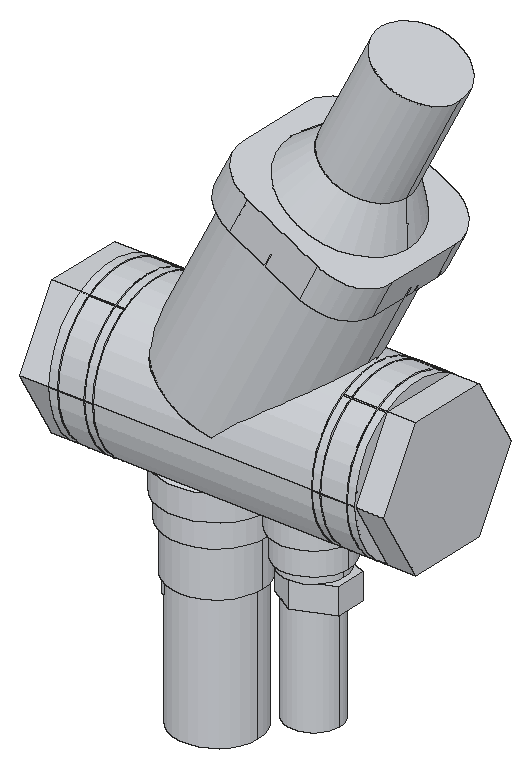
Revit family "Sigma_Compact_DN025 HF_s vyp_RFA_2019", category Pipe Accessories, Revit 2019
Family settings
  Round Connector Dimension = Use Diameter
  Part Type = Valve - Breaks Into
  Work Plane-Based = No
  Always vertical = Yes
  Cut with Voids When Loaded = No
  Shared = No
Parameters (values of type "Sigma Compact DN 25 HF s vypouštěním")
  magiProductId = "353cd751c7f74c09a1eb930e23bd36"
  magiProductFamilyId = "d1104e7aca644fe4921023cda881a0"
  magiPartTypeId = 304
  isMeasuringValve [instance] = no
  ang2D [instance] = 0.00°
  Z6 = 27 mm
  Z5 = 63 mm
  Z4 = 54 mm
  Z3 = 9 mm
  Z2 = 45 mm
  XR2 = 25 mm
  XR1 = 13 mm
  W2D = 15 mm
  VersionID = "2.0/2018.12.13.2/FRESE_SIGMA_PLUG_Q13_001"
  Use Minimum Symbol Size [instance] = no
  URL = "www.hydronic.cz"
  Type Comments = "závitový; vnitřní závit; PN25; max dp=400kPa; -10~+120°C; max uzavírací tlak 1MPa"
  R4 = 15 mm
  R3 = 10 mm
  R2 = 18 mm
  R1 = 19 mm
  QmdConnectorList = "301;D;302;D"
  Productdata [instance] = ""
  NL__ve = -NL  # -16.6 mm
  NL = 16.6 mm
  Manufacturer = "Hydronic System Prague s.r.o."
  MC Use Limits From Balancing Method = no
  MC Throttling Minimum Value = 0
  MC Throttling Maximum Value = 0
  MC Product Code = "53-2229 DN25 FF s měřením a vypouštěním; (137-2400 l/h); kvs=4,2"
  MC Pressure Drop Minimum Value = 0.0 Pa
  MC Pressure Drop Maximum Value = 0.0 Pa
  MC Piping Given Pressure Drop [instance] = 0.0 Pa
  M5 = 34.9 mm
  M4 = 32.9 mm
  M3 = 26.9 mm
  M2 = 24.9 mm
  LP = 41.5 mm
  LM = 49.8 mm
  LL__ve = -LL  # -5.9 mm
  LLT__ve = -LLT  # -16.3 mm
  LLT = 16.3 mm
  LLL = 11 mm
  LL3 = 43 mm
  LL2 = 34 mm
  LL = 5.9 mm
  L3 = 11 mm
  L2D_Min = 30.48 mm
  L2D = 65 mm
  Description = "Automatický vyvažovací ventil"
  DR1 = yes
  DR0 = no
  DL2 = 68 mm
  D = 25 mm
  CenSd_R2_6 = R2 * cos(30.00°)  # 15.588 mm
  CAT0 = yes
  C0D1 = yes
  C0D0 = no
Types (3, lengths in mm): name | magiProductId | Z6 | Z5 | Z4 | Z3 | Z2 | R2 | NL__ve | NL | MC Product Code | M5 | M4 | M3 | M2 | LP | LM | LL__ve | LLT__ve | LLT | LL3 | LL2 | LL | DL2 | D | CenSd_R2_6
  Sigma Compact DN 15 HF s vypouštěním | "e0eed5f915b34df8bba526f8d48f95" | 26.1 | 60.9 | 52.2 | 8.7 | 43.5 | 14 | -15 | 15 | "53-2221 DN15 FF s měřením a vypouštěním; (60-1080 l/h); kvs=2,6" | 32.5 | 30.5 | 24.5 | 22.5 | 37.5 | 45 | -5.7 | -14.9 | 14.9 | 41 | 32 | 5.7 | 66 | 15 | 12.124
  Sigma Compact DN 20 HF s vypouštěním | "4de04bc937484e42b40234d175e017" | 26.1 | 60.9 | 52.2 | 8.7 | 43.5 | 14 | -15.8 | 15.8 | "53-2223 DN20 FF s měřením a vypouštěním; (102-1930 l/h); kvs=4,0" | 33.7 | 31.7 | 25.7 | 23.7 | 39.5 | 47.4 | -5.7 | -14.9 | 14.9 | 41 | 32 | 5.7 | 66 | 20 | 12.124
  Sigma Compact DN 25 HF s vypouštěním | "353cd751c7f74c09a1eb930e23bd36" | 27 | 63 | 54 | 9 | 45 | 18 | -16.6 | 16.6 | "53-2229 DN25 FF s měřením a vypouštěním; (137-2400 l/h); kvs=4,2" | 34.9 | 32.9 | 26.9 | 24.9 | 41.5 | 49.8 | -5.9 | -16.3 | 16.3 | 43 | 34 | 5.9 | 68 | 25 | 15.588
Reference planes
  plane 1 "Center (Front/Back)": y = 0
  plane 2 "XYPLANE": z = 0
  plane 3 "Center (Left/Right)": x = 0
  plane 4 "408": x = 41.5
  plane 5 "407": x = -41.5
  plane 6 "404": z = -37.1
  plane 7 "403": z = -43
  plane 8 "402": z = -68
  plane 9 "213": x = -11
  plane 10 "168": z = -12.3
  plane 11 "167": z = -14.3
  plane 12 "166": z = -20.2
  plane 13 "165": z = -26.1
  plane 14 "164": z = -28.1
  plane 15 "154": z = 0
  plane 16 "152": y = 0
  plane 17 "151": z = -34
  plane 18 "150": x = 11
  plane 19 "75": through (318.218, 0, 679.605) normal (0.891, 0, -0.454)
  plane 20 "74": x = 34.9
  plane 21 "73": x = 32.9
  plane 22 "72": x = 26.9
  plane 23 "71": x = 24.9
  plane 24 "70": x = -34.9
  plane 25 "69": x = -32.9
  plane 26 "68": x = -26.9
  plane 27 "67": y = 0
  plane 28 "66": through (-666.893, 0, 343.166) normal (0.454, 0, 0.891)
  plane 29 "65": x = -24.9
  plane 30 "64": through (335.147, 0, 670.979) normal (0.891, 0, -0.454)
  plane 31 "63": through (-647.825, 0, 380.588) normal (0.454, 0, 0.891)
  plane 32 "62": through (352.076, 0, 662.353) normal (0.891, 0, -0.454)
  plane 33 "61": y = 19
  plane 34 "60": y = -19
  plane 35 "59": through (-643.739, 0, 388.607) normal (0.454, 0, 0.891)
  plane 36 "58": through (-639.653, 0, 396.626) normal (0.454, 0, 0.891)
  plane 37 "56": x = 0
  plane 38 "55": through (-668.255, 0, 340.493) normal (0.454, 0, 0.891)
  plane 39 "102XY": through (-668.255, 0, 340.493) normal (0.454, 0, 0.891)
  plane 40 "102XZ": y = 0
  plane 41 "102YZ": through (340.493, 0, 668.255) normal (0.891, 0, -0.454)
Forms (mm)
  Extrusion 1, solid
    sketch origin (41.5, -750, 0) x (0, 1, 0) y (0, 0, 1)
      loop
        line (768, 0) -> (759, 15.588) -> (741, 15.588) -> (732, 0) -> (741, -15.588) -> (759, -15.588) -> (768, 0)
    from 0 to -16.6 <- "NL__ve"
  Extrusion 2, solid
    sketch origin (-41.5, -750, 0) x (0, 1, 0) y (0, 0, 1)
      loop
        line (732, 0) -> (741, -15.588) -> (759, -15.588) -> (768, 0) -> (759, 15.588) -> (741, 15.588) -> (732, 0)
    from 0 to 16.6 <- "NL"
  Extrusion 3, solid, visible <- "C0D1"
    sketch origin (-750, 0, -68) x (1, 0, 0) y (0, 1, 0)
      loop
        circle (739, 0) r 9.4
    from 0 to 50
  Extrusion 4, solid, visible <- "DR1"
    sketch origin (-750, 0, -37.1) x (1, 0, 0) y (0, 1, 0)
      loop
        line (739, -8) -> (745.928, -4) -> (745.928, 4) -> (739, 8) -> (729.672, 4) -> (729.672, -4) -> (739, -8)
    from 0 to -5.9 <- "LL__ve"
  Extrusion 5, solid, visible <- "DR1"
    sketch origin (-750, 0, -37.1) x (1, 0, 0) y (0, 1, 0)
      loop
        circle (739, 0) r 10.4
    from 0 to 11 <- "LLL"
  Extrusion 6, solid, visible <- "DR1"
    sketch origin (-750, 0, -26.1) x (1, 0, 0) y (0, 1, 0)
      loop
        circle (739, 0) r 11.4
    from 0 to 5.9 <- "LL"
  Extrusion 7, solid, visible <- "DR1"
    sketch origin (-750, 0, -20.2) x (1, 0, 0) y (0, 1, 0)
      loop
        circle (739, 0) r 12.4
    from 0 to 5.9 <- "LL"
  Blend 8, solid, visible <- "DR1"
    base sketch origin (-750, 0, -12.3) x (1, 0, 0) y (0, 1, 0)
      loop
        circle (739, 0) r 9.9
    top sketch origin (-750, 0, -12.3) x (1, 0, 0) y (0, 1, 0)
      loop
        circle (739, 0) r 12.4
    from 0 to -2
  Extrusion 9, solid, visible <- "DR1"
    sketch origin (-750, 0, 0) x (1, 0, 0) y (0, 1, 0)
      loop
        circle (739, 0) r 9.9
    from 0 to -16.3 <- "LLT__ve"
  Extrusion 10, solid, visible <- "C0D0"
    sketch origin (-750, 0, -34) x (1, 0, 0) y (0, 1, 0)
      loop
        circle (739, 0) r 8.4
    from 0 to -25
  Extrusion 11, solid, visible <- "DR0"
    sketch origin (-750, 0, -28.1) x (1, 0, 0) y (0, 1, 0)
      loop
        line (739, -7) -> (745.062, -3.5) -> (745.062, 3.5) -> (739, 7) -> (730.538, 3.5) -> (730.538, -3.5) -> (739, -7)
    from 0 to -5.9 <- "LL__ve"
  Extrusion 12, solid, visible <- "DR0"
    sketch origin (-750, 0, -28.1) x (1, 0, 0) y (0, 1, 0)
      loop
        circle (739, 0) r 9.4
    from 0 to 2
  Extrusion 13, solid, visible <- "DR0"
    sketch origin (-750, 0, -20.2) x (1, 0, 0) y (0, 1, 0)
      loop
        circle (739, 0) r 11.4
    from 0 to 5.9 <- "LL"
  Blend 14, solid, visible <- "DR0"
    base sketch origin (-750, 0, -12.3) x (1, 0, 0) y (0, 1, 0)
      loop
        circle (739, 0) r 8.9
    top sketch origin (-750, 0, -12.3) x (1, 0, 0) y (0, 1, 0)
      loop
        circle (739, 0) r 11.4
    from 0 to -2
  Extrusion 15, solid, visible <- "DR0"
    sketch origin (-750, 0, 0) x (1, 0, 0) y (0, 1, 0)
      loop
        circle (739, 0) r 8.9
    from 0 to -16.3 <- "LLT__ve"
  Extrusion 16, solid, visible <- "DR0"
    sketch origin (-750, 0, 0) x (1, 0, 0) y (0, 1, 0)
      loop
        circle (739, 0) r 8.9
    from 0 to -16.3 <- "LLT__ve"
  Blend 17, solid, visible <- "DR0"
    base sketch origin (-750, 0, -12.3) x (1, 0, 0) y (0, 1, 0)
      loop
        circle (739, 0) r 8.9
    top sketch origin (-750, 0, -12.3) x (1, 0, 0) y (0, 1, 0)
      loop
        circle (739, 0) r 11.4
    from 0 to -2
  Extrusion 18, solid, visible <- "DR0"
    sketch origin (-750, 0, -20.2) x (1, 0, 0) y (0, 1, 0)
      loop
        circle (739, 0) r 11.4
    from 0 to 5.9 <- "LL"
  Extrusion 19, solid, visible <- "DR0"
    sketch origin (-750, 0, -26.1) x (1, 0, 0) y (0, 1, 0)
      loop
        circle (739, 0) r 10.4
    from 0 to 5.9 <- "LL"
  Extrusion 20, solid, visible <- "DR0"
    sketch origin (-750, 0, -28.1) x (1, 0, 0) y (0, 1, 0)
      loop
        circle (739, 0) r 9.4
    from 0 to 2
  Extrusion 21, solid, visible <- "DR0"
    sketch origin (-750, 0, -28.1) x (1, 0, 0) y (0, 1, 0)
      loop
        line (739, -7) -> (745.062, -3.5) -> (745.062, 3.5) -> (739, 7) -> (730.538, 3.5) -> (730.538, -3.5) -> (739, -7)
    from 0 to -5.9 <- "LL__ve"
  Extrusion 22, solid, visible <- "C0D0"
    sketch origin (-750, 0, -34) x (1, 0, 0) y (0, 1, 0)
      loop
        circle (739, 0) r 8.4
    from 0 to -25
  Extrusion 23, solid, visible <- "CAT0"
    sketch origin (-750, 0, -34) x (1, 0, 0) y (0, 1, 0)
      loop
        circle (761, 0) r 6
    from 0 to -25
  Extrusion 24, solid
    sketch origin (-750, 0, -28.1) x (1, 0, 0) y (0, 1, 0)
      loop
        line (761, -7) -> (769.462, -3.5) -> (769.462, 3.5) -> (761, 7) -> (754.938, 3.5) -> (754.938, -3.5) -> (761, -7)
    from 0 to -5.9 <- "LL__ve"
  Extrusion 25, solid
    sketch origin (-750, 0, -28.1) x (1, 0, 0) y (0, 1, 0)
      loop
        circle (761, 0) r 7
    from 0 to 2
  Extrusion 26, solid
    sketch origin (-750, 0, -26.1) x (1, 0, 0) y (0, 1, 0)
      loop
        circle (761, 0) r 8
    from 0 to 5.9 <- "LL"
  Extrusion 27, solid
    sketch origin (-750, 0, -20.2) x (1, 0, 0) y (0, 1, 0)
      loop
        circle (761, 0) r 9
    from 0 to 5.9 <- "LL"
  Blend 28, solid
    base sketch origin (-750, 0, -12.3) x (1, 0, 0) y (0, 1, 0)
      loop
        circle (761, 0) r 6.5
    top sketch origin (-750, 0, -12.3) x (1, 0, 0) y (0, 1, 0)
      loop
        circle (761, 0) r 9
    from 0 to -2
  Extrusion 29, solid
    sketch origin (-750, 0, 0) x (1, 0, 0) y (0, 1, 0)
      loop
        circle (761, 0) r 6.5
    from 0 to -16.3 <- "LLT__ve"
  Blend 30, solid, visible <- "CAT0"
    base sketch origin (32.9, -750, 0) x (0, 1, 0) y (0, 0, 1)
      loop
        circle (750, 0) r 18
    top sketch origin (32.9, -750, 0) x (0, 1, 0) y (0, 0, 1)
      loop
        circle (750, 0) r 18
    from 0 to 2
  Extrusion 31, solid, visible <- "CAT0"
    sketch origin (26.9, -750, 0) x (0, 1, 0) y (0, 0, 1)
      loop
        circle (750, 0) r 18
    from 0 to 6
  Blend 32, solid, visible <- "CAT0"
    base sketch origin (24.9, -750, 0) x (0, 1, 0) y (0, 0, 1)
      loop
        circle (750, 0) r 18
    top sketch origin (24.9, -750, 0) x (0, 1, 0) y (0, 0, 1)
      loop
        circle (750, 0) r 18
    from 0 to 2
  Blend 33, solid, visible <- "CAT0"
    base sketch origin (-32.9, -750, 0) x (0, 1, 0) y (0, 0, 1)
      loop
        circle (750, 0) r 18
    top sketch origin (-32.9, -750, 0) x (0, 1, 0) y (0, 0, 1)
      loop
        circle (750, 0) r 18
    from 0 to -2
  Extrusion 34, solid, visible <- "CAT0"
    sketch origin (-32.9, -750, 0) x (0, 1, 0) y (0, 0, 1)
      loop
        circle (750, 0) r 18
    from 0 to 6
  Blend 35, solid, visible <- "CAT0"
    base sketch origin (-26.9, -750, 0) x (0, 1, 0) y (0, 0, 1)
      loop
        circle (750, 0) r 18
    top sketch origin (-26.9, -750, 0) x (0, 1, 0) y (0, 0, 1)
      loop
        circle (750, 0) r 18
    from 0 to 2
  Extrusion 36, solid, visible <- "CAT0"
    sketch origin (-24.9, -750, 0) x (0, 1, 0) y (0, 0, 1)
      loop
        circle (750, 0) r 18
    from 0 to 49.8 <- "LM"
  Extrusion 37, solid, visible <- "CAT0"
    sketch origin (-666.893, 0, 343.166) x (0.891007, 0, -0.45399) y (0, 1, 0)
      loop
        circle (744, 0) r 19
    from 0 to 45 <- "Z2"
  Extrusion 38, solid, visible <- "CAT0"
    sketch origin (-647.825, 0, 380.588) x (0.891007, 0, -0.45399) y (0, 1, 0)
      loop
        arc (735, 19) -> (727.929, 16.071) -> (725, 9) r 10
        line (725, 9) -> (725, -9)
        arc (725, -9) -> (727.929, -16.071) -> (735, -19) r 10
        line (735, -19) -> (753, -19)
        arc (753, -19) -> (760.071, -16.071) -> (763, -9) r 10
        line (763, -9) -> (763, 9)
        arc (763, 9) -> (760.071, 16.071) -> (753, 19) r 10
        line (753, 19) -> (735, 19)
    from 0 to 9 <- "Z3"
  Blend 39, solid, visible <- "CAT0"
    base sketch origin (-643.739, 0, 388.607) x (0.891007, 0, -0.45399) y (0, 1, 0)
      loop
        circle (744, 0) r 15
    top sketch origin (-643.739, 0, 388.607) x (0.891007, 0, -0.45399) y (0, 1, 0)
      loop
        circle (744, 0) r 10
    from 0 to 9
  Extrusion 40, solid, visible <- "CAT0"
    sketch origin (-639.653, 0, 396.626) x (0.891007, 0, -0.45399) y (0, 1, 0)
      loop
        circle (744, 0) r 10
    from 0 to 27 <- "Z6"
  Blend 41, solid, visible <- "CAT0"
    base sketch origin (-668.255, 0, 340.493) x (0.891007, 0, -0.45399) y (0, 1, 0)
      loop
        circle (744, 0) r 15
    top sketch origin (-668.255, 0, 340.493) x (0.891007, 0, -0.45399) y (0, 1, 0)
      loop
        circle (744, 0) r 19
    from 0 to 3
  Extrusion 42, solid, not visible
    sketch origin (-34.9, -750, 0) x (0, 1, 0) y (0, 0, 1)
      loop
        circle (750, 0) r 10
    from 0 to 10
  Extrusion 43, solid, not visible
    sketch origin (34.9, -750, 0) x (0, 1, 0) y (0, 0, 1)
      loop
        circle (750, 0) r 10
    from 0 to -10
Lines and regions (mm)
  reference lines, not visible
    curve 1: circle (2, 2, 0) r 1 normal (0, 0, 1)
  reference lines
    curve 2: line (41.5, 0, 0) -> (41.5, -3.5, 6.062)
    curve 3: line (41.5, 0, 0) -> (41.5, -7, 0)
    curve 4: line (41.5, 0, 0) -> (41.5, -3.5, -6.062)
    curve 5: line (-41.5, 0, 0) -> (-41.5, 3.5, 6.062)
    curve 6: line (-41.5, 0, 0) -> (-41.5, 7, 0)
    curve 7: line (-41.5, 0, 0) -> (-41.5, 3.5, -6.062)
Dimensions and locks
  plane 1 "Center (Front/Back)" to curve 1 = 2 mm
  "LP": plane 37 "56" to plane 4 "408"
  "LP": plane 37 "56" to plane 5 "407"
  "LL": plane 7 "403" to plane 6 "404"
  "LL3": plane 2 "XYPLANE" to plane 7 "403"
  "DL2": plane 2 "XYPLANE" to plane 8 "402"
  "L3": plane 3 "Center (Left/Right)" to plane 9 "213"
  locked: plane 11 "167" to plane 10 "168" at 2
  "LL": plane 12 "166" to plane 11 "167"
  "LL": plane 13 "165" to plane 12 "166"
  locked: plane 14 "164" to plane 13 "165" at 2
  "LL": plane 17 "151" to plane 14 "164"
  locked: plane 2 "XYPLANE" to plane 15 "154"
  locked: plane 1 "Center (Front/Back)" to plane 16 "152"
  "LL2": plane 2 "XYPLANE" to plane 17 "151"
  "L3": plane 3 "Center (Left/Right)" to plane 18 "150"
  "XR2": plane 41 "102YZ" to plane 19 "75"
  "M5": plane 3 "Center (Left/Right)" to plane 20 "74"
  "M4": plane 3 "Center (Left/Right)" to plane 21 "73"
  "M3": plane 3 "Center (Left/Right)" to plane 22 "72"
  "M2": plane 3 "Center (Left/Right)" to plane 23 "71"
  "M5": plane 3 "Center (Left/Right)" to plane 24 "70"
  "M4": plane 3 "Center (Left/Right)" to plane 25 "69"
  "M3": plane 3 "Center (Left/Right)" to plane 26 "68"
  locked: plane 16 "152" to plane 27 "67"
  locked: plane 39 "102XY" to plane 28 "66" at 3
  "M2": plane 3 "Center (Left/Right)" to plane 29 "65"
  locked: plane 41 "102YZ" to plane 30 "64" at 6
  "Z2": plane 39 "102XY" to plane 31 "63"
  "XR1": plane 41 "102YZ" to plane 32 "62"
  "R1": plane 16 "152" to plane 33 "61"
  "R1": plane 16 "152" to plane 34 "60"
  "Z4": plane 39 "102XY" to plane 35 "59"
  "Z5": plane 39 "102XY" to plane 36 "58"
  locked: plane 3 "Center (Left/Right)" to plane 37 "56"
  locked: plane 39 "102XY" to plane 38 "55"
  "CenSd_R2_6": curve 2 to Extrusion 1 sketch curve  (x2)
  "CenSd_R2_6": curve 3 to Extrusion 1 sketch curve  (x2)
  "CenSd_R2_6": curve 4 to Extrusion 1 sketch curve  (x2)
  Extrusion 1 sketch curve to Extrusion 1 sketch curve = 0 mm  (x12)
  "CenSd_R2_6": curve 5 to Extrusion 2 sketch curve  (x2)
  "CenSd_R2_6": curve 6 to Extrusion 2 sketch curve  (x2)
  "CenSd_R2_6": curve 7 to Extrusion 2 sketch curve  (x2)
  Extrusion 2 sketch curve to Extrusion 2 sketch curve = 0 mm  (x12)
  Extrusion 4 sketch curve to Extrusion 4 sketch curve = 0 mm  (x12)
  Extrusion 11 sketch curve to Extrusion 11 sketch curve = 0 mm  (x12)
  Extrusion 21 sketch curve to Extrusion 21 sketch curve = 0 mm  (x12)
  Extrusion 24 sketch curve to Extrusion 24 sketch curve = 0 mm  (x12)
  Extrusion 38 sketch curve to Extrusion 38 sketch curve = 0 mm  (x16)
  "R2": radius of Blend 30 sketch curve  (x2)
  "R2": radius of Extrusion 31 sketch curve
  "R2": radius of Blend 32 sketch curve  (x2)
  "R2": radius of Blend 33 sketch curve  (x2)
  "R2": radius of Extrusion 34 sketch curve
  "R2": radius of Blend 35 sketch curve  (x2)
  "R2": radius of Extrusion 36 sketch curve
  "R1": radius of Extrusion 37 sketch curve
  radius of Extrusion 38 sketch curve = 10 mm  (x4)
  "R3": radius of Blend 39 sketch curve
  "R4": radius of Blend 39 sketch curve
  "R3": radius of Extrusion 40 sketch curve
  "R1": radius of Blend 41 sketch curve
  locked: curve 3 to curve 2 (angle 60.00°)
  locked: curve 4 to curve 3 (angle 60.00°)
  locked: curve 4 to curve 2 (angle 120.00°)
  locked: curve 6 to curve 5 (angle 60.00°)
  locked: curve 7 to curve 6 (angle 60.00°)
  locked: curve 7 to curve 5 (angle 120.00°)
  aligned and locked: level to plane 2 "XYPLANE"
  aligned and locked: plane 15 "154" to curve 4
  aligned and locked: curve 4 to plane 16 "152"
  aligned and locked: plane 15 "154" to curve 7
  aligned and locked: curve 7 to plane 16 "152"
  aligned and locked: plane 9 "213" to Extrusion 3 sketch curve
  aligned and locked: plane 16 "152" to Extrusion 3 sketch curve
  aligned and locked: plane 9 "213" to Extrusion 5 sketch curve
  aligned and locked: plane 16 "152" to Extrusion 5 sketch curve
  aligned and locked: plane 9 "213" to Extrusion 6 sketch curve
  aligned and locked: plane 16 "152" to Extrusion 6 sketch curve
  aligned and locked: plane 9 "213" to Extrusion 7 sketch curve
  aligned and locked: plane 16 "152" to Extrusion 7 sketch curve
  aligned and locked: plane 9 "213" to Blend 8 sketch curve  (x2)
  aligned and locked: plane 16 "152" to Blend 8 sketch curve  (x2)
  aligned and locked: Blend 8 to plane 11 "167"
  aligned and locked: plane 9 "213" to Extrusion 9 sketch curve
  aligned and locked: plane 16 "152" to Extrusion 9 sketch curve
  aligned and locked: plane 9 "213" to Extrusion 10 sketch curve
  aligned and locked: plane 16 "152" to Extrusion 10 sketch curve
  aligned and locked: plane 9 "213" to Extrusion 12 sketch curve
  aligned and locked: plane 16 "152" to Extrusion 12 sketch curve
  aligned and locked: plane 9 "213" to Extrusion 13 sketch curve
  aligned and locked: plane 16 "152" to Extrusion 13 sketch curve
  aligned and locked: plane 9 "213" to Blend 14 sketch curve  (x2)
  aligned and locked: plane 16 "152" to Blend 14 sketch curve  (x2)
  aligned and locked: Blend 14 to plane 11 "167"
  aligned and locked: plane 9 "213" to Extrusion 15 sketch curve
  aligned and locked: plane 16 "152" to Extrusion 15 sketch curve
  aligned and locked: plane 9 "213" to Extrusion 16 sketch curve
  aligned and locked: plane 16 "152" to Extrusion 16 sketch curve
  aligned and locked: plane 9 "213" to Blend 17 sketch curve  (x2)
  aligned and locked: plane 16 "152" to Blend 17 sketch curve  (x2)
  aligned and locked: Blend 17 to plane 11 "167"
  aligned and locked: plane 9 "213" to Extrusion 18 sketch curve
  aligned and locked: plane 16 "152" to Extrusion 18 sketch curve
  aligned and locked: plane 9 "213" to Extrusion 19 sketch curve
  aligned and locked: plane 16 "152" to Extrusion 19 sketch curve
  aligned and locked: plane 9 "213" to Extrusion 20 sketch curve
  aligned and locked: plane 16 "152" to Extrusion 20 sketch curve
  aligned and locked: plane 9 "213" to Extrusion 22 sketch curve
  aligned and locked: plane 16 "152" to Extrusion 22 sketch curve
  aligned and locked: plane 16 "152" to Extrusion 23 sketch curve
  aligned and locked: plane 18 "150" to Extrusion 23 sketch curve
  aligned and locked: plane 16 "152" to Extrusion 25 sketch curve
  aligned and locked: plane 18 "150" to Extrusion 25 sketch curve
  aligned and locked: plane 16 "152" to Extrusion 26 sketch curve
  aligned and locked: plane 18 "150" to Extrusion 26 sketch curve
  aligned and locked: plane 16 "152" to Extrusion 27 sketch curve
  aligned and locked: plane 18 "150" to Extrusion 27 sketch curve
  aligned and locked: plane 16 "152" to Blend 28 sketch curve  (x2)
  aligned and locked: plane 18 "150" to Blend 28 sketch curve  (x2)
  aligned and locked: Blend 28 to plane 11 "167"
  aligned and locked: plane 16 "152" to Extrusion 29 sketch curve
  aligned and locked: plane 18 "150" to Extrusion 29 sketch curve
  aligned and locked: plane 15 "154" to Blend 30 sketch curve  (x2)
  aligned and locked: Blend 30 sketch curve to plane 16 "152"  (x2)
  aligned and locked: plane 20 "74" to Blend 30
  aligned and locked: plane 15 "154" to Extrusion 31 sketch curve
  aligned and locked: Extrusion 31 sketch curve to plane 16 "152"
  aligned and locked: plane 15 "154" to Blend 32 sketch curve  (x2)
  aligned and locked: Blend 32 sketch curve to plane 16 "152"  (x2)
  aligned and locked: plane 22 "72" to Blend 32
  aligned and locked: plane 15 "154" to Blend 33 sketch curve  (x2)
  aligned and locked: Blend 33 sketch curve to plane 16 "152"  (x2)
  aligned and locked: Blend 33 to plane 24 "70"
  aligned and locked: plane 15 "154" to Extrusion 34 sketch curve
  aligned and locked: Extrusion 34 sketch curve to plane 16 "152"
  aligned and locked: plane 15 "154" to Blend 35 sketch curve  (x2)
  aligned and locked: Blend 35 sketch curve to plane 16 "152"  (x2)
  aligned and locked: plane 29 "65" to Blend 35
  aligned and locked: plane 15 "154" to Extrusion 36 sketch curve
  aligned and locked: Extrusion 36 sketch curve to plane 16 "152"
  aligned and locked: plane 27 "67" to Extrusion 37 sketch curve
  aligned and locked: Extrusion 37 sketch curve to plane 30 "64"
  aligned and locked: Extrusion 38 sketch curve to plane 19 "75"
  aligned and locked: Extrusion 38 sketch curve to plane 34 "60"
  aligned and locked: Extrusion 38 sketch curve to plane 32 "62"
  aligned and locked: plane 33 "61" to Extrusion 38 sketch curve
  aligned and locked: plane 27 "67" to Blend 39 sketch curve  (x2)
  aligned and locked: Blend 39 sketch curve to plane 30 "64"  (x2)
  aligned and locked: plane 36 "58" to Blend 39
  aligned and locked: plane 27 "67" to Extrusion 40 sketch curve
  aligned and locked: Extrusion 40 sketch curve to plane 30 "64"
  aligned and locked: plane 27 "67" to Blend 41 sketch curve  (x2)
  aligned and locked: Blend 41 sketch curve to plane 30 "64"  (x2)
  aligned and locked: plane 28 "66" to Blend 41
  aligned and locked: plane 15 "154" to Extrusion 42 sketch curve
  aligned and locked: Extrusion 42 sketch curve to plane 16 "152"
  aligned and locked: plane 15 "154" to Extrusion 43 sketch curve
  aligned and locked: Extrusion 43 sketch curve to plane 16 "152"
Automatic sketch dimensions
  plane 29 "65" to Extrusion 3 sketch curve = 4.5 mm
  Extrusion 4 sketch curve to plane 9 "213" = 0 mm  (x2)
  plane 29 "65" to Extrusion 4 sketch curve = 4.572 mm
  Extrusion 4 sketch curve to plane 3 "Center (Left/Right)" = 4.072 mm
  plane 1 "Center (Front/Back)" to Extrusion 4 sketch curve = 8 mm
  plane 1 "Center (Front/Back)" to Extrusion 4 sketch curve = 4 mm  (x2)
  Extrusion 4 sketch curve to plane 1 "Center (Front/Back)" = 4 mm  (x2)
  Extrusion 4 sketch curve to Extrusion 4 sketch curve = 4 mm
  plane 29 "65" to Extrusion 5 sketch curve = 3.5 mm
  plane 29 "65" to Extrusion 6 sketch curve = 2.5 mm
  plane 29 "65" to Extrusion 7 sketch curve = 1.5 mm
  plane 29 "65" to Blend 8 sketch curve = 4 mm
  plane 29 "65" to Blend 8 sketch curve = 1.5 mm
  plane 29 "65" to Extrusion 9 sketch curve = 4 mm
  plane 29 "65" to Extrusion 10 sketch curve = 5.5 mm
  Extrusion 11 sketch curve to plane 9 "213" = 0 mm  (x2)
  plane 29 "65" to Extrusion 11 sketch curve = 5.438 mm
  Extrusion 11 sketch curve to plane 3 "Center (Left/Right)" = 4.938 mm
  plane 1 "Center (Front/Back)" to Extrusion 11 sketch curve = 7 mm
  plane 1 "Center (Front/Back)" to Extrusion 11 sketch curve = 3.5 mm  (x2)
  Extrusion 11 sketch curve to plane 1 "Center (Front/Back)" = 3.5 mm  (x2)
  Extrusion 11 sketch curve to Extrusion 11 sketch curve = 3.5 mm
  plane 29 "65" to Extrusion 12 sketch curve = 4.5 mm
  plane 29 "65" to Extrusion 13 sketch curve = 2.5 mm
  plane 29 "65" to Blend 14 sketch curve = 5 mm
  plane 29 "65" to Blend 14 sketch curve = 2.5 mm
  plane 29 "65" to Extrusion 15 sketch curve = 5 mm
  plane 29 "65" to Extrusion 16 sketch curve = 5 mm
  plane 29 "65" to Blend 17 sketch curve = 5 mm
  plane 29 "65" to Blend 17 sketch curve = 2.5 mm
  plane 29 "65" to Extrusion 18 sketch curve = 2.5 mm
  plane 29 "65" to Extrusion 19 sketch curve = 3.5 mm
  plane 29 "65" to Extrusion 20 sketch curve = 4.5 mm
  Extrusion 21 sketch curve to plane 9 "213" = 0 mm  (x2)
  plane 29 "65" to Extrusion 21 sketch curve = 5.438 mm
  Extrusion 21 sketch curve to plane 3 "Center (Left/Right)" = 4.938 mm
  plane 1 "Center (Front/Back)" to Extrusion 21 sketch curve = 7 mm
  plane 1 "Center (Front/Back)" to Extrusion 21 sketch curve = 3.5 mm  (x2)
  Extrusion 21 sketch curve to plane 1 "Center (Front/Back)" = 3.5 mm  (x2)
  Extrusion 21 sketch curve to Extrusion 21 sketch curve = 3.5 mm
  plane 29 "65" to Extrusion 22 sketch curve = 5.5 mm
  plane 3 "Center (Left/Right)" to Extrusion 23 sketch curve = 5 mm
  Extrusion 24 sketch curve to plane 18 "150" = 0 mm  (x2)
  plane 3 "Center (Left/Right)" to Extrusion 24 sketch curve = 4.938 mm
  Extrusion 24 sketch curve to plane 23 "71" = 5.438 mm
  plane 1 "Center (Front/Back)" to Extrusion 24 sketch curve = 7 mm
  plane 1 "Center (Front/Back)" to Extrusion 24 sketch curve = 3.5 mm  (x2)
  Extrusion 24 sketch curve to plane 1 "Center (Front/Back)" = 3.5 mm  (x2)
  Extrusion 24 sketch curve to Extrusion 24 sketch curve = 3.5 mm
  plane 3 "Center (Left/Right)" to Extrusion 25 sketch curve = 4 mm
  plane 3 "Center (Left/Right)" to Extrusion 26 sketch curve = 3 mm
  plane 3 "Center (Left/Right)" to Extrusion 27 sketch curve = 2 mm
  plane 3 "Center (Left/Right)" to Blend 28 sketch curve = 4.5 mm
  plane 3 "Center (Left/Right)" to Blend 28 sketch curve = 2 mm
  plane 3 "Center (Left/Right)" to Extrusion 29 sketch curve = 4.5 mm
  plane 19 "75" to Blend 41 sketch curve = 4 mm
  plane 34 "60" to Extrusion 42 sketch curve = 9 mm
  plane 34 "60" to Extrusion 43 sketch curve = 9 mm
  plane 3 "Center (Left/Right)" to curve 1 = 2 mm
  radius of curve 1 = 1 mm
Connectors
  piping at (-34.9, 0, 0), diameter 25, driven by "D"
    settings: on Extrusion 42, index 1, connector inside diameter 609.6 mm, connector length 0 mm, flow factor 0, pipe flow 0.0 L/s, pressure drop 0.0 Pa, fitting loss kfactor 0, connector angle 0.00°, fixture units 0, engagement length 0 mm, angle of deflection 0.00°, flow configuration 0, flow direction 0, fitting loss method 0, system type 29, joint type 0, gender type 0, connector reference index 2, connector utility 0, adjustable connector no, is connector primary yes, connector description ""
  piping at (34.9, 0, 0), diameter 25, driven by "D"
    settings: on Extrusion 43, index 2, connector inside diameter 609.6 mm, connector length 0 mm, flow factor 0, pipe flow 0.0 L/s, pressure drop 0.0 Pa, fitting loss kfactor 0, connector angle 0.00°, fixture units 0, engagement length 0 mm, angle of deflection 0.00°, flow configuration 0, flow direction 0, fitting loss method 0, system type 29, joint type 0, gender type 0, connector reference index 1, connector utility 0, adjustable connector no, is connector primary no, connector description ""
